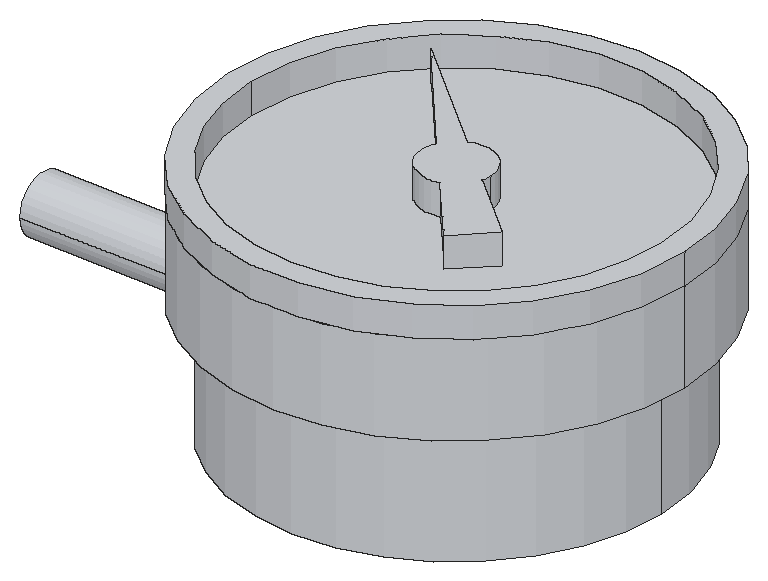
Revit family "02649c764ebb44faa5db90ba6d7d8af0", category Pipe Accessories, Revit 2021
Family settings
  Round Connector Dimension = Use Radius
  Part Type = Sensor
  OmniClass Number = 23.60.10.14
  OmniClass Title = Pressure Measuring Instruments
  Seek Item ID = Pressure Gauge-0000-USA-ENU
  Work Plane-Based = No
  Always vertical = Yes
  Cut with Voids When Loaded = No
  Shared = No
Parameters (values of type "2" Dial - 1/4"")
  Thickness = 0' - 1 1/16"
  Loss Method = Not Defined
  Dial Radius 5 = Dial Radius 4 * 1.5  # 0' - 0.15"
  Dial Radius 4 = Dial Radius * 0.1  # 0' - 0.1"
  Dial Radius 3 = Dial Radius * 0.8  # 0' - 0.8"
  Dial Radius 2 = Dial Radius * 0.5  # 0' - 0 1/2"
  Dial Radius 1 = Dial Radius * 0.9  # 0' - 0.9"
  Dial Radius = Dial Diameter / 2  # 0' - 1"
  Dial Diameter = 0' - 2"
  Nominal Radius = 1/8"
  Nominal Diameter = Nominal Radius * 2  # 1/4"
  Length 7 = Dial Radius 3 / 4  # 0' - 0.2"
  Length 6 = Dial Radius 2 * sin(45.00°)  # 0' - 0.35355"
  Length 5 = Dial Radius 4 * 2 * sin(45.00°)  # 0' - 0.14142"
  Length 4 = Dial Radius 2 * sin(45.00°) - Dial Radius 4 * sin(45.00°)  # 0' - 0.28284"
  Length 3 = Dial Radius 2 * sin(45.00°) + Dial Radius 4 * sin(45.00°)  # 0' - 0.42426"
  Length 2 = Dial Radius 3 * sin(45.00°)  # 0' - 0.56569"
  Length 1 = Thickness / 4  # 0' - 0 17/64"
  Height = 0' - 2 13/16"
  Gauge Material = none
  Default Elevation = 0' - 0"
Types (5): name | Thickness | Dial Radius 5 | Dial Radius 4 | Dial Radius 3 | Dial Radius 2 | Dial Radius 1 | Dial Radius | Dial Diameter | Length 7 | Length 6 | Length 5 | Length 4 | Length 3 | Length 2 | Length 1 | Height
  (no name) | 0' - 1 1/16" | 0' - 0.15" | 0' - 0.1" | 0' - 0.8" | 0' - 0 1/2" | 0' - 0.9" | 0' - 1" | 0' - 2" | 0' - 0.2" | 0' - 0.35355" | 0' - 0.14142" | 0' - 0.28284" | 0' - 0.42426" | 0' - 0.56569" | 0' - 0 17/64" | 0' - 2 13/16"
  2" Dial - 1/4" | 0' - 1 1/16" | 0' - 0.15" | 0' - 0.1" | 0' - 0.8" | 0' - 0 1/2" | 0' - 0.9" | 0' - 1" | 0' - 2" | 0' - 0.2" | 0' - 0.35355" | 0' - 0.14142" | 0' - 0.28284" | 0' - 0.42426" | 0' - 0.56569" | 0' - 0 17/64" | 0' - 2 13/16"
  2 1/2" Dial - 1/4" | 0' - 1 1/8" | 0' - 0 3/16" | 0' - 0 1/8" | 0' - 1" | 0' - 0 5/8" | 0' - 1 1/8" | 0' - 1 1/4" | 0' - 2 1/2" | 0' - 0 1/4" | 0' - 0.44194" | 0' - 0.17678" | 0' - 0.35355" | 0' - 0.53033" | 0' - 0.70711" | 0' - 0 9/32" | 0' - 3 5/16"
  3" Dial - 1/4" | 0' - 1 1/8" | 0' - 0.225" | 0' - 0.15" | 0' - 1.2" | 0' - 0 3/4" | 0' - 1.35" | 0' - 1 1/2" | 0' - 3" | 0' - 0.3" | 0' - 0.53033" | 0' - 0.21213" | 0' - 0.42426" | 0' - 0.6364" | 0' - 0.84853" | 0' - 0 9/32" | 0' - 3 7/8"
  4" Dial - 1/4" | 0' - 1 1/4" | 0' - 0.3" | 0' - 0.2" | 0' - 1.6" | 0' - 1" | 0' - 1.8" | 0' - 2" | 0' - 4" | 0' - 0.4" | 0' - 0.70711" | 0' - 0.28284" | 0' - 0.56569" | 0' - 0.84853" | 0' - 1.13137" | 0' - 0 5/16" | 0' - 4 3/4"
Reference planes (in)
  plane 1 "Center (Front/Back)": y = 0
  plane 2: z = 0
  plane 3 "Center (Left/Right)": x = 0
  plane 4: x = 2.8125
  plane 5: x = 1.8125
  plane 6: z = 0.26562
  plane 7: z = 0.53125
  plane 8: z = 0.79687
  plane 9: z = -0.26563
  plane 10: z = 0.66406
  plane 11: x = 1.24681
  plane 12: x = 2.23676
  plane 13: x = 2.09534
  plane 14: y = -0.28284
  plane 15: y = -0.42426
  plane 16: y = 0.56569
  plane 17: x = 0.8125
  plane 18: y = -0.35355
  plane 19: x = 2.16605
Forms (in)
  Extrusion 1, solid, material <- "Gauge Material", detail levels fine
    sketch origin (0, 0, 0) x (1, 0, 0) y (0, 1, 0)
      loop
        circle (1.8125, 0) r 1
      loop
        circle (1.8125, 0) r 0.9
    from 0.66406 to 0.79688
  Extrusion 2, solid, material <- "Gauge Material", detail levels fine
    sketch origin (0, 0, 0) x (1, 0, 0) y (0, 1, 0)
      loop
        circle (1.8125, 0) r 0.9
    from -0.26563 to 0.26562
  Extrusion 3, solid, material <- "Gauge Material", detail levels fine
    sketch origin (0, 0, 0) x (0, 1, 0) y (0, 0, 1)
      loop
        circle (0, 0) r 0.125
    from 0 to 1.8125
  Extrusion 4, solid, material <- "Gauge Material", detail levels fine
    sketch origin (0, 0, 0) x (1, 0, 0) y (0, 1, 0)
      loop
        line (1.24681, 0.56569) -> (2.09534, -0.42426) -> (2.23676, -0.28284) -> (1.24681, 0.56569)
    from 0.66406 to 0.79688
  Extrusion 5, solid, material <- "Gauge Material", detail levels fine
    sketch origin (0, 0, 0) x (1, 0, 0) y (0, 1, 0)
      loop
        circle (1.8125, 0) r 0.15
    from 0.66406 to 0.79688
  Extrusion 6, solid, material <- "Gauge Material", detail levels fine
    sketch origin (0, 0, 0) x (1, 0, 0) y (0, 1, 0)
      loop
        circle (1.8125, 0) r 1
    from 0.26562 to 0.66406
Cuts and joins
  joined: Extrusion 1, Extrusion 2, Extrusion 3, Extrusion 4, Extrusion 5, Extrusion 6
Lines and regions (in)
  model lines, detail levels coarse+medium
    curve 1: circle (1.8125, 0, 0) r 1 normal (0, 0, 1)
    curve 2: line (0, 0, 0) -> (0.8125, 0, 0)
    curve 3: line (1.8125, 0, 0) -> (1.45895, 0.35355, 0)
    curve 4: line (1.8125, 0, 0) -> (2.16605, -0.35355, 0)
    curve 5: line (2.16605, -0.35355, 0) -> (2.10865, -0.21497, 0)
    curve 6: line (2.16605, -0.35355, 0) -> (2.02747, -0.29615, 0)
Dimensions and locks (in)
  "Height": plane 3 "Center (Left/Right)" to plane 4
  "Dial Radius": plane 5 to plane 4
  "Length 1": plane 6 to plane 2
  "Length 1": plane 7 to plane 6
  "Length 1": plane 8 to plane 7
  "Length 1": plane 2 to plane 9
  equal spacing: plane 8, plane 10, plane 7
  "Length 2": plane 11 to plane 5
  "Length 2": plane 1 "Center (Front/Back)" to plane 16
  "Length 4": plane 5 to plane 13
  "Length 3": plane 15 to plane 1 "Center (Front/Back)"
  "Length 5": plane 15 to plane 14
  "Length 5": plane 13 to plane 12
  "Dial Radius": plane 17 to plane 5
  "Dial Radius 2": curve 3 to curve 3
  "Dial Radius 2": curve 4 to curve 4
  "Length 6": plane 5 to plane 19
  "Length 6": plane 1 "Center (Front/Back)" to plane 18
  "Dial Radius 5": curve 5 to curve 5
  "Dial Radius 5": curve 6 to curve 6
  "Dial Radius": radius of Extrusion 1 sketch curve
  "Dial Radius 1": radius of Extrusion 1 sketch curve
  "Dial Radius 1": radius of Extrusion 2 sketch curve
  "Nominal Radius": radius of Extrusion 3 sketch curve
  "Dial Radius 5": radius of Extrusion 5 sketch curve
  "Dial Radius": radius of curve 1
  "Dial Radius": radius of Extrusion 6 sketch curve
  locked: curve 3 to plane 1 "Center (Front/Back)" (angle 45.00°)
  locked: curve 4 to plane 1 "Center (Front/Back)" (angle 45.00°)
  locked: plane 19 to curve 5 (angle 22.50°)
  locked: curve 6 to plane 18 (angle 22.50°)
  aligned and locked: plane 1 "Center (Front/Back)" to Extrusion 1 sketch curve  (x2)
  aligned and locked: plane 5 to Extrusion 1 sketch curve  (x2)
  aligned and locked: Extrusion 1 to plane 10
  aligned and locked: plane 8 to Extrusion 1
  aligned and locked: plane 1 "Center (Front/Back)" to Extrusion 2 sketch curve
  aligned and locked: plane 5 to Extrusion 2 sketch curve
  aligned and locked: Extrusion 2 to plane 9
  aligned and locked: plane 6 to Extrusion 2
  aligned and locked: plane 2 to Extrusion 3 sketch curve
  aligned and locked: plane 1 "Center (Front/Back)" to Extrusion 3 sketch curve
  aligned and locked: Extrusion 3 to plane 3 "Center (Left/Right)"
  aligned and locked: plane 5 to Extrusion 3
  aligned and locked: Extrusion 4 to plane 10
  aligned and locked: plane 8 to Extrusion 4
  aligned and locked: plane 1 "Center (Front/Back)" to Extrusion 5 sketch curve
  aligned and locked: plane 5 to Extrusion 5 sketch curve
  aligned and locked: Extrusion 5 to plane 10
  aligned and locked: plane 8 to Extrusion 5
  aligned and locked: plane 16 to Extrusion 4 sketch curve
  aligned and locked: plane 11 to Extrusion 4 sketch curve
  aligned and locked: plane 15 to Extrusion 4 sketch curve
  aligned and locked: plane 12 to Extrusion 4 sketch curve
  aligned and locked: plane 13 to Extrusion 4 sketch curve
  aligned and locked: plane 14 to Extrusion 4 sketch curve
  aligned and locked: plane 1 "Center (Front/Back)" to curve 1
  aligned and locked: plane 5 to curve 1
  aligned and locked: plane 3 "Center (Left/Right)" to curve 2
  aligned and locked: plane 1 "Center (Front/Back)" to curve 2
  aligned and locked: plane 1 "Center (Front/Back)" to curve 3
  aligned and locked: plane 5 to curve 3
  aligned and locked: plane 1 "Center (Front/Back)" to Extrusion 6 sketch curve
  aligned and locked: plane 5 to Extrusion 6 sketch curve
  aligned and locked: Extrusion 6 to plane 6
  aligned and locked: plane 10 to Extrusion 6
Connectors (in)
  piping at (0, 0, 0), diameter 0.25, driven by "Nominal Radius"
    settings: on cut or joined group of Extrusion 1, Extrusion 2, Extrusion 3, Extrusion 4, Extrusion 5, Extrusion 6, index 1, connector inside diameter 1/4", connector length 0' - 0", flow factor 0, pipe flow 0 GPM, pressure drop 0.00 psi, fitting loss kfactor 0, connector angle 0.00°, fixture units 0, engagement length 0' - 0", angle of deflection 0.00°, flow configuration 0, flow direction 0, fitting loss method 0, system type 28, joint type 0, gender type 0, connector reference index -1, connector utility 0, adjustable connector no, is connector primary yes, connector description ""
